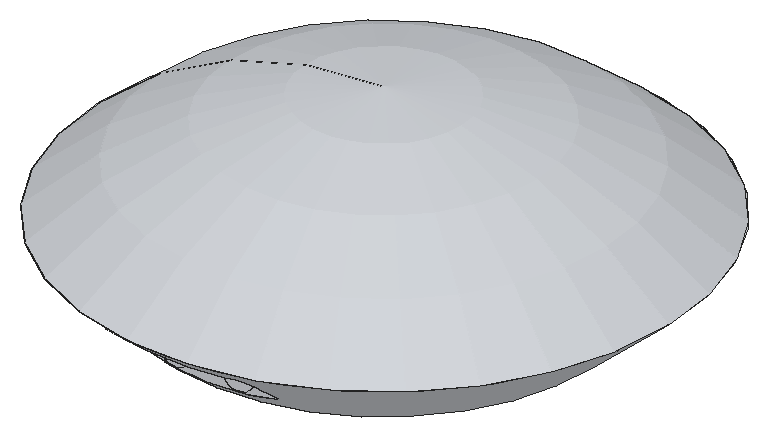
Revit family "0049012 Sylvania Lighting Fixture Start Surface IP66 1450lm 830 MW+EM IK10 WHT", category Lighting Fixtures, host Face, Revit 2016
Family settings
  Host = Face
  Part Type = Normal
  Round Connector Dimension = Use Diameter
  OmniClass Number = 23.80.70.00
  OmniClass Title = Lighting
  Cut with Voids When Loaded = No
  Light Source = Yes
  Shared = No
  Room Calculation Point = No
Parameters (values of type "Type Name")
  power entry width = 90 mm
  power entry height = 28 mm
  power connector height = 12.5 mm
  power connector centres = 39 mm
  height = 110 mm
  connector position 2 = 40 mm
  connector length = 2 mm
  base height = 40 mm
  backplate diameter = 256 mm
  Weight = ""
  Wattage Comments = ""
  Wattage = 9.2903 W
  WarrantyStartDate [instance] = "n/a"
  WarrantyGuarantorParts = "n/a"
  WarrantyDurationUnit = "n/a"
  WarrantyDurationParts = "n/a"
  WarrantyDescription = "n/a"
  built-in parameter 1150110 = 1 (stored number, unit not read)
  Voltage = 0 V
  URL = "http://www.feilosylvania.com"
  TypeName = ""
  Type Image = <None>
  Type Comments = "n/a"
  Tube Diameter = 80 mm
  built-in parameter 1114217 = 1 (stored number, unit not read)
  Tilt Angle = 90.00°
  built-in parameter 1150109 = 1 (stored number, unit not read)
  built-in parameter 1150134 = 3
  built-in parameter 1150113 = 1 (stored number, unit not read)
  SerialNumber [instance] = "n/a"
  Photometric Web File = "0049012-300mA.ies"
  Material_3_FEILO = none
  PowerFactor = 0
  PowerConsumption = ""
  NominalLength = 0 mm
  NominalHeight = 0 mm
  NominalDepth = 0 mm
  Name = ""
  ModelReference = Name  # ""
  ModelNumber = ""
  Model = Name  # ""
  Material = ""
  ManufacturerName = "Feilo Sylvania"
  Manufacturer = "Feilo Sylvania"
  LuminousEfficacy = ""
  built-in parameter 1150105 = 109.82 (stored number, unit not read)
  Lumens = 1380 lm
  LuminaireType = ""
  built-in parameter 1150115 = 1 (stored number, unit not read)
  LightOutputRatio = ""
  built-in parameter 1150137 = (empty or 0)
  built-in parameter 1150139 = (empty or 0)
  LampsType = Lamp  # ""
  LampNominalLuminous = ""
  LampMacAdamStep = ""
  LampColourTemperature = ""
  LampColourRenderingIndex = ""
  built-in parameter 1150112 = 1 (stored number, unit not read)
  built-in parameter 1150114 = 1 (stored number, unit not read)
  Lamp = ""
  Keynote = "16500"
  InstallationDate [instance] = "n/a"
  InputVoltage = ""
  InputNominalFrequency = ""
  built-in parameter 1150132 = (empty or 0)
  built-in parameter 1150102 = (empty or 0)
  built-in parameter 1150107 = 3200 (stored number, unit not read)
  built-in parameter 1150138 = (empty or 0)
  IngressProtection = ""
  ImpactProtectionIndex = ""
  built-in parameter 1150106 = 1.0982 (stored number, unit not read)
  IfcExportType = "IfcLightFixtureType"
  IfcExportAs = "IfcLightFixtureType"
  Height = 250 mm
  ExpectedLife = 50000
  Emit from Circle Diameter = 609.6 mm
  Emit Shape Visible in Rendering = no
  ElectricShockClassification = ""
  built-in parameter 1150104 = 13.8 (stored number, unit not read)
  DurationUnit = "hours"
  DocumentationLiterature = ""
  DimmingControlOptions = ""
  Material_2_FEILO = none
  Dimming Lamp Color Temperature Shift = <None>
  Diameter = 350 mm
  Description = ""
  Default Elevation = 1219.2 mm
  CreatedOn = ""
  CreatedBy = ""
  Cost = 0
  Color Filter = 16777215
  built-in parameter 1114216 [instance] = (empty or 0)
  ClassificationValue = "EF_70_80"
  ClassificationName = "Uniclass2015"
  Material_1_FEILO = none
  BarCode [instance] = "n/a"
  built-in parameter 1114218 = 1 (stored number, unit not read)
  built-in parameter 1150133 = 10 (stored number, unit not read)
  AssetType = ""
  AssetIdentifier [instance] = "n/a"
  Assembly Code = "D5020200"
  Apparent Load = 0 VA
  Material_4_FEILO = none
Reference planes
  plane 1 "Center (Front/Back)": y = 0
  plane 2: z = 0
  plane 3 "Center (Left/Right)": x = 0
  plane 4: z = 0
  plane 5: y = 128
  plane 6: y = -128
  plane 7: y = 175
  plane 8: y = -175
  plane 9: z = 40
  plane 10: z = 110
  plane 11: x = -45.686
  plane 12: x = 44.314
  plane 13: z = 5
  plane 14: z = 33
  plane 15: y = -135
  plane 16: x = 19.5
  plane 17: x = -19.5
  plane 18: z = 20.5
  plane 19: y = -137
  plane 20: y = 135
Forms (mm)
  Blend 1, solid, detail levels medium+fine
    base sketch origin (4.2, 0, 0) x (1, 0, 0) y (0, 1, 0)
      loop
        circle (-4.2, 0) r 128
    top sketch origin (4.2, 0, 0) x (1, 0, 0) y (0, 1, 0)
      loop
        circle (-4.2, 0) r 175
    from 0 to 40
  Revolve 2, solid, detail levels medium+fine
    sketch origin (0, 0, 0) x (1, 0, 0) y (0, 0, 1)
      loop
        arc (175, 40) -> (94.148, 91.621) -> (0, 110) r 257.018
        line (0, 110) -> (0, 40) -> (175, 40)
      axis (0, 110) -> (0, 40)
    angle from -180 to 179.914
  Extrusion 3, void
    sketch origin (0, 0, 0) x (1, 0, 0) y (0, 0, 1)
      loop
        line (-45.686, 25.025) -> (-45.686, 5) -> (44.314, 5) -> (44.314, 25.025)
        arc (44.314, 25.025) -> (42.644, 30.018) -> (38.304, 33) r 8.297
        line (38.304, 33) -> (-39.676, 33)
        arc (-39.676, 33) -> (-44.015, 30.018) -> (-45.686, 25.025) r 8.297
    from 135 to 166.869
  Extrusion 4, solid, detail levels fine
    sketch origin (1524, -324.9, 1219.2) x (1, 0, 0) y (0, 0, 1)
      loop
        circle (-1504.5, -1198.7) r 11
      loop
        circle (-1543.5, -1198.7) r 11
    from -189.9 to -187.9
  Extrusion 5, void
    sketch origin (-0.686, -5.131, 0) x (-1, 0, 0) y (0, 0, 1)
      loop
        line (-45.686, 25.025) -> (-45.686, 5) -> (44.314, 5) -> (44.314, 25.025)
        arc (44.314, 25.025) -> (42.644, 30.018) -> (38.304, 33) r 8.297
        line (38.304, 33) -> (-39.676, 33)
        arc (-39.676, 33) -> (-44.015, 30.018) -> (-45.686, 25.025) r 8.297
    from 140.131 to 175.131
  Extrusion 6, solid
    sketch origin (1524, -52.9, 1219.2) x (1, 0, 0) y (0, 0, 1)
      loop
        circle (-1504.5, -1198.7) r 11
      loop
        circle (-1543.5, -1198.7) r 11
    from -189.9 to -187.9
  Extrusion 7, solid, detail levels coarse
    sketch origin (0, 1219.2, 38) x (1, 0, 0) y (0, 1, 0)
      loop
        line (175.117, -1396.13) -> (175.117, -1044.2) -> (-175, -1044.2) -> (-175, -1396.13) -> (175.117, -1396.13)
    from -38 to 72
Cuts and joins
  Extrusion 3, Extrusion 5 cuts Blend 1
  Extrusion 5 cuts Extrusion 4
Dimensions and locks
  "backplate diameter": plane 5 to plane 6
  equal spacing: plane 5, plane 1 "Center (Front/Back)", plane 6
  "Diameter": plane 7 to plane 8
  equal spacing: plane 7, plane 1 "Center (Front/Back)", plane 8
  "base height": plane 9 to level
  "height": plane 10 to host face
  "power entry width": plane 12 to plane 11
  plane 12 to imposter light to plane 11 = 44.201 mm, 45.799 mm
  "power entry height": plane 14 to plane 13
  "power connector centres": plane 17 to plane 16
  equal spacing: plane 17, plane 3 "Center (Left/Right)", plane 16
  "power connector height": plane 18 to plane 14
  "connector length": plane 15 to plane 19
  "connector position 2": plane 7 to plane 20
  aligned and locked: plane 2 to host face
  aligned and locked: level to host face
  aligned and locked: plane 10 to Extrusion 7
Automatic sketch dimensions
  host sketch curve to host sketch curve = 2438.4 mm  (x2)
  plane 1 "Center (Front/Back)" to Blend 1 sketch curve = 0 mm  (x2)
  Blend 1 sketch curve to plane 3 "Center (Left/Right)" = 0 mm  (x2)
  Revolve 2 sketch curve to plane 3 "Center (Left/Right)" = 0 mm  (x2)
  Revolve 2 sketch curve to plane 9 = 0 mm
  Revolve 2 sketch curve to plane 10 = 0 mm
  Revolve 2 sketch curve to plane 3 "Center (Left/Right)" = 1.306 mm
  plane 3 "Center (Left/Right)" to Revolve 2 sketch curve = 175 mm
  Revolve 2 sketch curve to level = 47.821 mm
  Revolve 2 sketch curve to Revolve 2 sketch curve = 80 mm
  Extrusion 3 sketch curve to plane 11 = 0 mm
  Extrusion 3 sketch curve to plane 14 = 0 mm
  Extrusion 3 sketch curve to plane 12 = 0 mm
  Extrusion 3 sketch curve to plane 13 = 0 mm
  plane 11 to Extrusion 3 sketch curve = 6.01 mm
  plane 18 to Extrusion 3 sketch curve = 4.525 mm  (x2)
  Extrusion 3 sketch curve to Extrusion 3 sketch curve = 8.297 mm
  plane 17 to Extrusion 4 sketch curve = 0 mm
  plane 16 to Extrusion 4 sketch curve = 0 mm
  Extrusion 4 sketch curve to plane 18 = 0 mm  (x2)
  Extrusion 5 sketch curve to plane 13 = 0 mm
  Extrusion 5 sketch curve to plane 14 = 0 mm
  plane 12 to Extrusion 5 sketch curve = 0.686 mm
  Extrusion 5 sketch curve to plane 12 = 5.324 mm
  plane 18 to Extrusion 5 sketch curve = 4.525 mm
  plane 11 to Extrusion 5 sketch curve = 8.982 mm
  plane 11 to Extrusion 5 sketch curve = 6.696 mm
  plane 11 to Extrusion 5 sketch curve = 0.686 mm
  plane 17 to Extrusion 6 sketch curve = 0 mm
  plane 16 to Extrusion 6 sketch curve = 0 mm
  Extrusion 6 sketch curve to plane 18 = 0 mm  (x2)
  Extrusion 7 sketch curve to plane 8 = 1.93 mm
  Extrusion 7 sketch curve to plane 11 = 129.314 mm
  plane 12 to Extrusion 7 sketch curve = 130.802 mm
  plane 5 to Extrusion 7 sketch curve = 47 mm
  radius of Blend 1 sketch curve = 128 mm
  radius of Blend 1 sketch curve = 175 mm
  radius of Extrusion 4 sketch curve = 11 mm  (x2)
  radius of Extrusion 6 sketch curve = 11 mm  (x2)
Connectors
  electrical at (19.5, 137, 20.5)
    settings: on Extrusion 6, index 1, voltage 0 V, apparent load 0 VA, apparent load phase1 0 VA, apparent load phase2 0 VA, apparent load phase3 0 VA, power factor 1, load classification "Other", number of poles 1, system type 31, power factor state 1, is connector primary yes, connector utility no, sub classification motor no, connector description ""
